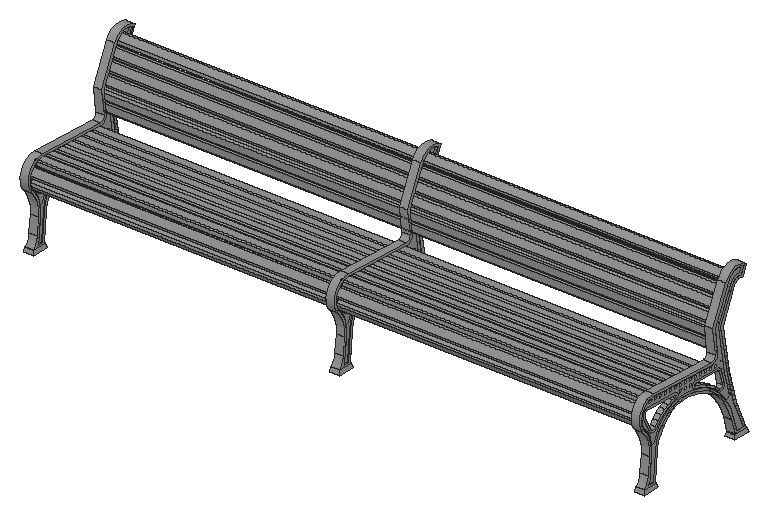
Revit family "Скамейка чугунная «Ретро стиль» без подлокотников Арт 7224", category Антураж, Revit 2018
Family settings
  На основе рабочей плоскости = Нет
  Всегда вертикально = Да
  При загрузке вырезать с полостями = Нет
  Источник визуального образа = Геометрия семейства
  Общий = Нет
  Точка расчета площади = Нет
Parameters (values of type "Версия 3,0 м (3 опоры)")
  Ширина = 640 mm  # constant formula
  Цвет опор = Чугун
  Цвет лавки = Дерево
  Средняя опора = or([Версия 2,0 м (3 опоры)], [Версия 3,0 м (3 опоры)])  # yes
  Описание = if([Версия 0,6 м (кресло)], "Скамейка чугунная «Ретро стиль» без подлокотников. Версия 0,6 м Кресло", if([Версия 1,5 м], "Скамейка чугунная «Ретро стиль» без подлокотников. Версия 1,5 м", if([Версия 1,8 м], "Скамейка чугунная «Ретро стиль» без подлокотников. Версия 1,8 м", if([Версия 2,0 м], "Скамейка чугунная «Ретро стиль» без подлокотников. Версия 2,0 м", if([Версия 2,0 м (3 опоры)], "Скамейка чугунная «Ретро стиль» без подлокотников. Версия 2,0 м (3 опоры)", "Скамейка чугунная «Ретро стиль» без подлокотников. Версия 3,0 м (3 опоры)")))))  # "Скамейка чугунная «Ретро стиль» без подлокотников. Версия 3,0 м (3 опоры)"
  Материал изделия = "Чугун, дерево"  # constant formula
  Изображение типоразмера = Скамейка чугунная «Ретро стиль» без подлокотников Арт 7224.jpg
  Изготовитель = "ООО «Хоббика»"  # constant formula
  Длина = if([Версия 0,6 м (кресло)], 600 mm, if([Версия 1,5 м], 1500 mm, if([Версия 1,8 м], 1800 mm, if([Версия 2,0 м], 2000 mm, if([Версия 2,0 м (3 опоры)], 2000 mm, 3000 mm)))))  # 3000 mm
  Группа модели = "Садовые скамейки"  # constant formula
  Высота = 740 mm  # constant formula
  Версия 3,0 м (3 опоры) = yes
  Версия 2,0 м (3 опоры) = no
  Версия 2,0 м = no
  Версия 1,8 м = no
  Версия 1,5 м = no
  Версия 0,6 м (кресло) = no
  Артикул товара = "Арт. 7224"  # constant formula
  URL = "https://hobbyka.ru/product/skameyka_sadovaya_retro_stil_bez_podlokotnikov/"
Reference planes
  plane 1 "По центру (Вперед/Назад)": y = 0
  plane 2: z = 0
  plane 3 "По центру (Влево/Вправо)": x = 0
  plane 4: y = 640
  plane 5: x = 3000
  plane 6: x = 2965
  plane 7: x = 35
  plane 8: x = 1500
  plane 9: z = 740
Forms (mm)
  Extrusion 1, solid, material "Дерево" <- "Цвет лавки"
    sketch origin (0, 0, 0) x (0, 1, 0) y (0, 0, 1)
      loop
        line (434.437, 376) -> (397.42, 377.993) -> (390.617, 371.886) -> (389.621, 353.377) -> (439.548, 350.688) -> (440.545, 369.197) -> (434.437, 376)
      loop
        line (379.517, 378.957) -> (342.5, 380.951) -> (335.697, 374.843) -> (334.7, 356.334) -> (384.628, 353.646) -> (385.624, 372.155) -> (379.517, 378.957)
      loop
        line (324.597, 381.915) -> (287.579, 383.908) -> (280.776, 377.801) -> (279.78, 359.292) -> (329.707, 356.603) -> (330.704, 375.112) -> (324.597, 381.915)
      loop
        line (269.676, 384.872) -> (232.659, 386.866) -> (225.856, 380.758) -> (224.859, 362.249) -> (274.787, 359.561) -> (275.784, 378.07) -> (269.676, 384.872)
      loop
        line (214.756, 387.83) -> (177.738, 389.823) -> (170.936, 383.716) -> (169.939, 365.207) -> (219.866, 362.518) -> (220.863, 381.027) -> (214.756, 387.83)
      loop
        line (159.835, 390.787) -> (122.818, 392.781) -> (116.015, 386.673) -> (115.018, 368.165) -> (164.946, 365.476) -> (165.943, 383.985) -> (159.835, 390.787)
      loop
        line (104.915, 393.745) -> (67.849, 393.138) -> (61.491, 386.569) -> (61.794, 368.036) -> (111.787, 368.854) -> (111.484, 387.387) -> (104.915, 393.745)
      loop
        line (35.897, 375.593) -> (18.293, 342.969) -> (20.912, 334.21) -> (37.225, 325.408) -> (60.969, 369.41) -> (44.656, 378.212) -> (35.897, 375.593)
      loop
        line (21.271, 301.947) -> (42.695, 271.694) -> (51.707, 270.154) -> (66.833, 280.867) -> (37.937, 321.671) -> (22.81, 310.958) -> (21.271, 301.947)
      loop
        line (453.721, 518.886) -> (458.264, 482.094) -> (465.472, 476.471) -> (483.868, 478.742) -> (477.74, 528.365) -> (459.344, 526.094) -> (453.721, 518.886)
      loop
        line (460.461, 464.3) -> (465.004, 427.509) -> (472.212, 421.885) -> (490.608, 424.157) -> (484.48, 473.78) -> (466.085, 471.508) -> (460.461, 464.3)
      loop
        line (475.865, 581.881) -> (459.904, 548.422) -> (462.956, 539.804) -> (479.685, 531.824) -> (501.212, 576.953) -> (484.483, 584.933) -> (475.865, 581.881)
      loop
        line (499.545, 631.523) -> (483.584, 598.064) -> (486.635, 589.446) -> (503.365, 581.465) -> (524.892, 626.594) -> (508.162, 634.574) -> (499.545, 631.523)
      loop
        line (523.224, 681.164) -> (507.264, 647.705) -> (510.315, 639.087) -> (527.045, 631.107) -> (548.572, 676.235) -> (531.842, 684.216) -> (523.224, 681.164)
      loop
        line (562.553, 729.566) -> (535.215, 704.528) -> (534.813, 695.395) -> (547.332, 681.726) -> (584.205, 715.495) -> (571.686, 729.164) -> (562.553, 729.566)
    from 35 to 2965
Dimensions and locks
  "Длина": plane 3 "По центру (Влево/Вправо)" to plane 5
  equal spacing: plane 3 "По центру (Влево/Вправо)", plane 8, plane 5
  locked: plane 6 to plane 5 at 35
  "Ширина": plane 4 to plane 1 "По центру (Вперед/Назад)"
  locked: plane 3 "По центру (Влево/Вправо)" to plane 7 at 35
  "Высота": plane 9 to plane 2
  aligned and locked: level to plane 2
  aligned and locked: plane 8 to nested 3
  aligned and locked: plane 5 to nested 2
  aligned and locked: plane 7 to nested 1
  aligned and locked: Extrusion 1 to plane 7
  aligned and locked: plane 6 to Extrusion 1
Automatic sketch dimensions
  Extrusion 1 sketch curve to plane 1 "По центру (Вперед/Назад)" = 18.293 mm
  Extrusion 1 sketch curve to Extrusion 1 sketch curve = 2.619 mm  (x2)
  Extrusion 1 sketch curve to plane 1 "По центру (Вперед/Назад)" = 21.271 mm
  Extrusion 1 sketch curve to Extrusion 1 sketch curve = 1.539 mm  (x2)
  Extrusion 1 sketch curve to plane 1 "По центру (Вперед/Назад)" = 35.897 mm
  Extrusion 1 sketch curve to Extrusion 1 sketch curve = 16.312 mm  (x2)
  Extrusion 1 sketch curve to Extrusion 1 sketch curve = 0.712 mm
  Extrusion 1 sketch curve to Extrusion 1 sketch curve = 21.425 mm
  Extrusion 1 sketch curve to Extrusion 1 sketch curve = 8.759 mm  (x2)
  Extrusion 1 sketch curve to Extrusion 1 sketch curve = 9.012 mm  (x2)
  Extrusion 1 sketch curve to Extrusion 1 sketch curve = 0.522 mm
  Extrusion 1 sketch curve to Extrusion 1 sketch curve = 0.825 mm
  Extrusion 1 sketch curve to Extrusion 1 sketch curve = 15.127 mm
  Extrusion 1 sketch curve to Extrusion 1 sketch curve = 6.358 mm  (x2)
  Extrusion 1 sketch curve to Extrusion 1 sketch curve = 37.066 mm
  Extrusion 1 sketch curve to Extrusion 1 sketch curve = 6.569 mm  (x2)
  Extrusion 1 sketch curve to Extrusion 1 sketch curve = 0.303 mm
  Extrusion 1 sketch curve to Extrusion 1 sketch curve = 3.231 mm
  Extrusion 1 sketch curve to Extrusion 1 sketch curve = 4.531 mm
  Extrusion 1 sketch curve to Extrusion 1 sketch curve = 6.803 mm  (x12)
  Extrusion 1 sketch curve to Extrusion 1 sketch curve = 37.017 mm  (x6)
  Extrusion 1 sketch curve to Extrusion 1 sketch curve = 5.111 mm  (x6)
  Extrusion 1 sketch curve to Extrusion 1 sketch curve = 6.107 mm  (x6)
  Extrusion 1 sketch curve to Extrusion 1 sketch curve = 4.993 mm  (x10)
  Extrusion 1 sketch curve to Extrusion 1 sketch curve = 19.283 mm
  Extrusion 1 sketch curve to Extrusion 1 sketch curve = 4.543 mm  (x2)
  Extrusion 1 sketch curve to Extrusion 1 sketch curve = 5.623 mm  (x3)
  Extrusion 1 sketch curve to Extrusion 1 sketch curve = 0.56 mm
  Extrusion 1 sketch curve to Extrusion 1 sketch curve = 2.197 mm
  Extrusion 1 sketch curve to Extrusion 1 sketch curve = 3.051 mm  (x4)
  Extrusion 1 sketch curve to Extrusion 1 sketch curve = 7.208 mm  (x4)
  Extrusion 1 sketch curve to Extrusion 1 sketch curve = 0.613 mm  (x2)
  Extrusion 1 sketch curve to Extrusion 1 sketch curve = 15.961 mm  (x3)
  Extrusion 1 sketch curve to Extrusion 1 sketch curve = 18.396 mm  (x3)
  Extrusion 1 sketch curve to Extrusion 1 sketch curve = 1.945 mm
  Extrusion 1 sketch curve to Extrusion 1 sketch curve = 7.719 mm  (x2)
  Extrusion 1 sketch curve to Extrusion 1 sketch curve = 8.618 mm  (x6)
  Extrusion 1 sketch curve to Extrusion 1 sketch curve = 2.153 mm  (x4)
  Extrusion 1 sketch curve to Extrusion 1 sketch curve = 16.73 mm  (x2)
  Extrusion 1 sketch curve to plane 9 = 55.784 mm
  Extrusion 1 sketch curve to plane 9 = 44.605 mm
  Extrusion 1 sketch curve to Extrusion 1 sketch curve = 2.971 mm
  Extrusion 1 sketch curve to plane 9 = 35.472 mm
  Extrusion 1 sketch curve to Extrusion 1 sketch curve = 0.401 mm
  Extrusion 1 sketch curve to plane 9 = 58.274 mm
  Extrusion 1 sketch curve to Extrusion 1 sketch curve = 15.49 mm
  Extrusion 1 sketch curve to plane 9 = 63.765 mm
  Extrusion 1 sketch curve to Extrusion 1 sketch curve = 1.24 mm
  Extrusion 1 sketch curve to plane 9 = 10.434 mm
  Extrusion 1 sketch curve to Extrusion 1 sketch curve = 27.338 mm
  Extrusion 1 sketch curve to plane 9 = 10.836 mm
  Extrusion 1 sketch curve to Extrusion 1 sketch curve = 9.133 mm
  Extrusion 1 sketch curve to Extrusion 1 sketch curve = 4.513 mm  (x3)
  Extrusion 1 sketch curve to Extrusion 1 sketch curve = 41.024 mm
  Extrusion 1 sketch curve to Extrusion 1 sketch curve = 3.459 mm
  Extrusion 1 sketch curve to Extrusion 1 sketch curve = 13.711 mm
  Extrusion 1 sketch curve to Extrusion 1 sketch curve = 4.962 mm  (x2)
  Extrusion 1 sketch curve to plane 9 = 346.255 mm
  Extrusion 1 sketch curve to Extrusion 1 sketch curve = 0.606 mm
  Extrusion 1 sketch curve to Extrusion 1 sketch curve = 0.964 mm  (x6)
  Extrusion 1 sketch curve to Extrusion 1 sketch curve = 1.993 mm  (x6)
  Extrusion 1 sketch curve to Extrusion 1 sketch curve = 0.714 mm
  Extrusion 1 sketch curve to Extrusion 1 sketch curve = 0.269 mm  (x5)
  Extrusion 1 sketch curve to Extrusion 1 sketch curve = 8.357 mm
  Extrusion 1 sketch curve to Extrusion 1 sketch curve = 1.374 mm
  Extrusion 1 sketch curve to Extrusion 1 sketch curve = 3.737 mm
  Extrusion 1 sketch curve to Extrusion 1 sketch curve = 10.712 mm
Nested families
  nested 1: "Скамейка чугунная «Ретро стиль» без подлокотников Арт 7224 опора боковая" at (0, 0, 0), type "Скамейка чугунная «Ретро стиль» без подлокотников Арт 7224 опора боковая"
  nested 2: "Скамейка чугунная «Ретро стиль» без подлокотников Арт 7224 опора боковая" at (3000, 0, 0) x (-1, 0, 0) z (0, 0, 1), type "Скамейка чугунная «Ретро стиль» без подлокотников Арт 7224 опора боковая"
  nested 3: "Скамейка чугунная «Ретро стиль» без подлокотников Арт 7224 опора боковая" at (1478, 0, 0), visible <- "Средняя опора", type "Скамейка чугунная «Ретро стиль» без подлокотников Арт 7224 опора боковая"
Definition of nested family "Скамейка чугунная «Ретро стиль» без подлокотников Арт 7224 опора боковая"
  Parameters (values of type "Скамейка чугунная «Ретро стиль» без подлокотников Арт 7224 опора боковая")
    Цвет опор = none
    Height = 0 mm
  Reference planes
    plane 1 "По центру (Вперед/Назад)": y = 0
    plane 2: z = 0
    plane 3 "По центру (Влево/Вправо)": x = 0
    plane 4 "1": z = 20
    plane 5 "2": x = 4
    plane 6: x = 44
    plane 7: x = 22
    plane 8 "3": x = 12
  Forms (mm)
    Blend 1, solid, material <- "Цвет опор"
      base sketch origin (0, 651.279, 0) x (1, 0, 0) y (0, 1, 0)
        loop
          line (0, 0) -> (0, -80.94) -> (48, -80.94) -> (48, 0) -> (0, 0)
      top sketch origin (0, 651.279, 20) x (-1, 0, 0) y (0, -1, 0)
        loop
          line (-4, 4.97) -> (-4, 75.97) -> (-44, 75.97) -> (-44, 4.97) -> (-4, 4.97)
      from 0 to 0
    Blend 2, solid, material <- "Цвет опор"
      base sketch origin (0, 105.644, 0) x (1, 0, 0) y (0, 1, 0)
        loop
          line (0, 0) -> (0, -80.94) -> (48, -80.94) -> (48, 0) -> (0, 0)
      top sketch origin (0, 105.644, 20) x (-1, 0, 0) y (0, -1, 0)
        loop
          line (-4, 4.97) -> (-4, 75.97) -> (-44, 75.97) -> (-44, 4.97) -> (-4, 4.97)
      from 0 to 0
    Extrusion 3, solid, material <- "Цвет опор"
      sketch origin (4, 651.279, 0) x (0, 0, 1) y (0, -1, 0)
        loop
          arc (71.299, 597.697) -> (43.925, 604.67) -> (20, 619.69) r 91.14
          line (20, 619.69) -> (20, 558.58) -> (158.626, 545.164)
          arc (158.626, 545.164) -> (271.737, 483.758) -> (306.274, 359.774) r 164.908
          arc (306.274, 359.774) -> (241.641, 193.516) -> (93.739, 93.796) r 298.52
          line (93.739, 93.796) -> (20, 71.813) -> (20, 7.629)
          arc (20, 7.629) -> (161.639, 73.191) -> (312.438, 113.437) r 904.85
          line (312.438, 113.437) -> (520.759, 150.146) -> (665.308, 81.194)
          arc (665.308, 81.194) -> (684.485, 59.844) -> (682.88, 31.191) r 37.388
          line (682.88, 31.191) -> (730.724, 8.369)
          arc (730.724, 8.369) -> (743.185, 75.398) -> (699.83, 128.014) r 80.631
          line (699.83, 128.014) -> (533.388, 207.41) -> (416.613, 192.99)
          arc (416.613, 192.99) -> (398.927, 198.733) -> (391.977, 215.981) r 21.975
          line (391.977, 215.981) -> (410.718, 564.009)
          arc (410.718, 564.009) -> (363.812, 643.146) -> (272.743, 630.13) r 82.816
          arc (272.743, 630.13) -> (216.184, 597.416) -> (151.251, 590.145) r 159.381
          line (151.251, 590.145) -> (71.299, 597.697)
      from 0 to 40
    Extrusion 4, void
      sketch origin (4, 651.279, 0) x (0, 0, 1) y (0, -1, 0)
        loop
          line (339.635, 174.338) -> (344.312, 307.63)
          arc (344.312, 307.63) -> (337.628, 316.286) -> (327.899, 311.294) r 8.552
          line (327.899, 311.294) -> (324.006, 293.807) -> (313.722, 262.797) -> (300.359, 232.984) -> (284.055, 204.672) -> (264.975, 178.151) -> (251.833, 163.31)
          arc (251.833, 163.31) -> (250.746, 148.533) -> (264.707, 143.571) r 12.22
          line (264.707, 143.571) -> (328.562, 160.481)
          arc (328.562, 160.481) -> (336.391, 165.578) -> (339.635, 174.338) r 14.869
        loop
          line (348.178, 430.82) -> (353.888, 593.571)
          arc (353.888, 593.571) -> (343.806, 612.36) -> (322.489, 612.853) r 21.178
          line (322.489, 612.853) -> (258.665, 577.603)
          arc (258.665, 577.603) -> (249.674, 562.357) -> (258.67, 547.113) r 17.417
          line (258.67, 547.113) -> (278.066, 530.849) -> (295.122, 512.146) -> (309.535, 491.337) -> (321.046, 468.793) -> (329.451, 444.917) -> (333.034, 427.674)
          arc (333.034, 427.674) -> (341.841, 423.304) -> (348.178, 430.82) r 7.962
      from 0 to 250
    Extrusion 5, void
      sketch origin (4, 651.279, 0) x (0, 0, 1) y (0, -1, 0)
        loop
          arc (727.834, 18.611) -> (734.533, 76.603) -> (696.386, 120.794) r 72.631
          line (696.386, 120.794) -> (532.051, 199.184) -> (417.594, 185.05)
          arc (417.594, 185.05) -> (393.469, 192.884) -> (383.988, 216.411) r 29.975
          line (383.988, 216.411) -> (402.73, 564.439)
          arc (402.73, 564.439) -> (360.354, 635.931) -> (278.083, 624.173) r 74.816
          arc (278.083, 624.173) -> (218.686, 589.817) -> (150.496, 582.181) r 167.381
          line (150.496, 582.181) -> (70.548, 589.733)
          arc (70.548, 589.733) -> (48.461, 594.392) -> (28, 603.928) r 99.14
          line (28, 603.928) -> (28, 565.843) -> (159.397, 553.126)
          arc (159.397, 553.126) -> (277.918, 488.839) -> (314.239, 358.99) r 172.908
          arc (314.239, 358.99) -> (247.814, 188.425) -> (96.025, 86.129) r 306.52
          line (96.025, 86.129) -> (28, 65.85) -> (28, 21.307)
          arc (28, 21.307) -> (165.385, 83.026) -> (311.049, 121.316) r 912.85
          line (311.049, 121.316) -> (521.892, 158.469) -> (668.753, 88.414)
          arc (668.753, 88.414) -> (690.526, 66.242) -> (692.932, 35.26) r 45.388
          line (692.932, 35.26) -> (727.834, 18.611)
      from -69.543 to 5
    Extrusion 6, void
      sketch origin (4, 651.279, 0) x (0, 0, 1) y (0, -1, 0)
        loop
          arc (724.259, 29.18) -> (725.708, 77.725) -> (692.941, 113.573) r 64.631
          line (692.941, 113.573) -> (530.714, 190.958) -> (418.574, 177.11)
          arc (418.574, 177.11) -> (388.011, 187.035) -> (376, 216.841) r 37.975
          line (376, 216.841) -> (394.741, 564.869)
          arc (394.741, 564.869) -> (356.897, 628.717) -> (283.423, 618.216) r 66.816
          arc (283.423, 618.216) -> (242.334, 590.738) -> (195.21, 575.817) r 175.381
          arc (195.21, 575.817) -> (189.499, 571.572) -> (187.325, 564.797) r 11.644
          arc (187.325, 564.797) -> (188.834, 559.064) -> (192.97, 554.818) r 11.644
          arc (192.97, 554.818) -> (293.914, 480.392) -> (322.204, 358.208) r 180.908
          arc (322.204, 358.208) -> (282.312, 225.232) -> (189.057, 122.385) r 314.52
          arc (189.057, 122.385) -> (187.557, 108.65) -> (200.115, 102.889) r 11.812
          arc (200.115, 102.889) -> (254.485, 117.718) -> (309.661, 129.194) r 920.85
          line (309.661, 129.194) -> (523.025, 166.792) -> (672.197, 95.635)
          arc (672.197, 95.635) -> (696.298, 72.609) -> (702.045, 39.776) r 53.388
          line (702.045, 39.776) -> (724.259, 29.18)
        loop
          arc (351.307, 307.381) -> (339.682, 322.99) -> (321.923, 315.029) r 15.552
          arc (321.923, 315.029) -> (293.552, 236.73) -> (246.592, 167.951) r 332.099
          arc (246.592, 167.951) -> (244.829, 144.792) -> (266.652, 136.845) r 19.22
          line (266.652, 136.845) -> (330.35, 153.713)
          arc (330.35, 153.713) -> (341.862, 161.21) -> (346.631, 174.093) r 21.869
          line (346.631, 174.093) -> (351.307, 307.381)
        loop
          arc (360.884, 593.325) -> (347.469, 618.325) -> (319.105, 618.981) r 28.178
          line (319.105, 618.981) -> (255.279, 583.73)
          arc (255.279, 583.73) -> (242.674, 562.356) -> (255.286, 540.986) r 24.417
          arc (255.286, 540.986) -> (301.924, 489.532) -> (326.715, 424.662) r 188.109
          arc (326.715, 424.662) -> (343.265, 416.451) -> (355.173, 430.575) r 14.962
          line (355.173, 430.575) -> (360.884, 593.325)
      from -126.091 to 8
    Extrusion 7, void
      sketch origin (40, 651.279, 0) x (0, 0, 1) y (0, 1, 0)
        loop
          line (727.834, -18.611) -> (692.932, -35.26)
          arc (692.932, -35.26) -> (690.526, -66.242) -> (668.753, -88.414) r 45.388
          line (668.753, -88.414) -> (521.892, -158.469) -> (311.049, -121.316)
          arc (311.049, -121.316) -> (165.385, -83.026) -> (28, -21.307) r 912.85
          line (28, -21.307) -> (28, -65.85) -> (96.025, -86.129)
          arc (96.025, -86.129) -> (247.814, -188.425) -> (314.239, -358.99) r 306.52
          arc (314.239, -358.99) -> (277.918, -488.839) -> (159.397, -553.126) r 172.908
          line (159.397, -553.126) -> (28, -565.843) -> (28, -603.928)
          arc (28, -603.928) -> (48.461, -594.392) -> (70.548, -589.733) r 99.14
          line (70.548, -589.733) -> (150.496, -582.181)
          arc (150.496, -582.181) -> (218.686, -589.817) -> (278.083, -624.173) r 167.381
          arc (278.083, -624.173) -> (360.354, -635.931) -> (402.73, -564.439) r 74.816
          line (402.73, -564.439) -> (383.988, -216.411)
          arc (383.988, -216.411) -> (393.469, -192.884) -> (417.594, -185.05) r 29.975
          line (417.594, -185.05) -> (532.051, -199.184) -> (696.386, -120.794)
          arc (696.386, -120.794) -> (734.533, -76.603) -> (727.834, -18.611) r 72.631
      from -69.543 to 5
    Extrusion 8, void
      sketch origin (40, 651.279, 0) x (0, 0, 1) y (0, 1, 0)
        loop
          line (724.259, -29.18) -> (702.045, -39.776)
          arc (702.045, -39.776) -> (696.298, -72.609) -> (672.197, -95.635) r 53.388
          line (672.197, -95.635) -> (523.025, -166.792) -> (309.661, -129.194)
          arc (309.661, -129.194) -> (254.485, -117.718) -> (200.115, -102.889) r 920.85
          arc (200.115, -102.889) -> (187.557, -108.65) -> (189.057, -122.385) r 11.812
          arc (189.057, -122.385) -> (282.312, -225.232) -> (322.204, -358.208) r 314.52
          arc (322.204, -358.208) -> (293.914, -480.392) -> (192.97, -554.818) r 180.908
          arc (192.97, -554.818) -> (188.834, -559.064) -> (187.325, -564.797) r 11.644
          arc (187.325, -564.797) -> (189.499, -571.572) -> (195.21, -575.817) r 11.644
          arc (195.21, -575.817) -> (242.334, -590.738) -> (283.423, -618.216) r 175.381
          arc (283.423, -618.216) -> (356.897, -628.717) -> (394.741, -564.869) r 66.816
          line (394.741, -564.869) -> (376, -216.841)
          arc (376, -216.841) -> (388.011, -187.035) -> (418.574, -177.11) r 37.975
          line (418.574, -177.11) -> (530.714, -190.958) -> (692.941, -113.573)
          arc (692.941, -113.573) -> (725.708, -77.725) -> (724.259, -29.18) r 64.631
        loop
          line (351.307, -307.381) -> (346.631, -174.093)
          arc (346.631, -174.093) -> (341.862, -161.21) -> (330.35, -153.713) r 21.869
          line (330.35, -153.713) -> (266.652, -136.845)
          arc (266.652, -136.845) -> (244.829, -144.792) -> (246.592, -167.951) r 19.22
          arc (246.592, -167.951) -> (293.552, -236.73) -> (321.923, -315.029) r 332.099
          arc (321.923, -315.029) -> (339.682, -322.99) -> (351.307, -307.381) r 15.552
        loop
          line (360.884, -593.325) -> (355.173, -430.575)
          arc (355.173, -430.575) -> (343.265, -416.451) -> (326.715, -424.662) r 14.962
          arc (326.715, -424.662) -> (301.924, -489.532) -> (255.286, -540.986) r 188.109
          arc (255.286, -540.986) -> (242.674, -562.356) -> (255.279, -583.73) r 24.417
          line (255.279, -583.73) -> (319.105, -618.981)
          arc (319.105, -618.981) -> (347.469, -618.325) -> (360.884, -593.325) r 28.178
      from -126.091 to 8
    Revolve 9, void
      sketch origin (12, 682.974, -0.704) x (0, -1, 0) y (0, 0, 1)
        loop
          line (214.476, 371.23) -> (214.476, 351.23)
          arc (214.476, 351.23) -> (224.476, 361.23) -> (214.476, 371.23) r 10
        axis (214.476, 351.23) -> (214.476, 371.23)
      angle from 0 to 360
    Revolve 10, void
      sketch origin (12, 286.779, 19.103) x (0, -1, 0) y (0, 0, 1)
        loop
          line (214.476, 371.23) -> (214.476, 351.23)
          arc (214.476, 351.23) -> (224.476, 361.23) -> (214.476, 371.23) r 10
        axis (214.476, 351.23) -> (214.476, 371.23)
      angle from 0 to 360
    Revolve 11, void
      sketch origin (12, 652.498, 0.819) x (0, -1, 0) y (0, 0, 1)
        loop
          line (214.476, 371.23) -> (214.476, 351.23)
          arc (214.476, 351.23) -> (224.476, 361.23) -> (214.476, 371.23) r 10
        axis (214.476, 351.23) -> (214.476, 371.23)
      angle from 0 to 360
    Revolve 12, void
      sketch origin (12, 622.021, 2.343) x (0, -1, 0) y (0, 0, 1)
        loop
          line (214.476, 371.23) -> (214.476, 351.23)
          arc (214.476, 351.23) -> (224.476, 361.23) -> (214.476, 371.23) r 10
        axis (214.476, 351.23) -> (214.476, 371.23)
      angle from 0 to 360
    Revolve 13, void
      sketch origin (12, 591.545, 3.866) x (0, -1, 0) y (0, 0, 1)
        loop
          line (214.476, 371.23) -> (214.476, 351.23)
          arc (214.476, 351.23) -> (224.476, 361.23) -> (214.476, 371.23) r 10
        axis (214.476, 351.23) -> (214.476, 371.23)
      angle from 0 to 360
    Revolve 14, void
      sketch origin (12, 561.068, 5.39) x (0, -1, 0) y (0, 0, 1)
        loop
          line (214.476, 371.23) -> (214.476, 351.23)
          arc (214.476, 351.23) -> (224.476, 361.23) -> (214.476, 371.23) r 10
        axis (214.476, 351.23) -> (214.476, 371.23)
      angle from 0 to 360
    Revolve 15, void
      sketch origin (12, 530.592, 6.914) x (0, -1, 0) y (0, 0, 1)
        loop
          line (214.476, 371.23) -> (214.476, 351.23)
          arc (214.476, 351.23) -> (224.476, 361.23) -> (214.476, 371.23) r 10
        axis (214.476, 351.23) -> (214.476, 371.23)
      angle from 0 to 360
    Revolve 16, void
      sketch origin (12, 500.115, 8.437) x (0, -1, 0) y (0, 0, 1)
        loop
          line (214.476, 371.23) -> (214.476, 351.23)
          arc (214.476, 351.23) -> (224.476, 361.23) -> (214.476, 371.23) r 10
        axis (214.476, 351.23) -> (214.476, 371.23)
      angle from 0 to 360
    Revolve 17, void
      sketch origin (12, 469.638, 9.961) x (0, -1, 0) y (0, 0, 1)
        loop
          line (214.476, 371.23) -> (214.476, 351.23)
          arc (214.476, 351.23) -> (224.476, 361.23) -> (214.476, 371.23) r 10
        axis (214.476, 351.23) -> (214.476, 371.23)
      angle from 0 to 360
    Revolve 18, void
      sketch origin (12, 439.162, 11.485) x (0, -1, 0) y (0, 0, 1)
        loop
          line (214.476, 371.23) -> (214.476, 351.23)
          arc (214.476, 351.23) -> (224.476, 361.23) -> (214.476, 371.23) r 10
        axis (214.476, 351.23) -> (214.476, 371.23)
      angle from 0 to 360
    Revolve 19, void
      sketch origin (12, 408.685, 13.008) x (0, -1, 0) y (0, 0, 1)
        loop
          line (214.476, 371.23) -> (214.476, 351.23)
          arc (214.476, 351.23) -> (224.476, 361.23) -> (214.476, 371.23) r 10
        axis (214.476, 351.23) -> (214.476, 371.23)
      angle from 0 to 360
    Revolve 20, void
      sketch origin (12, 378.209, 14.532) x (0, -1, 0) y (0, 0, 1)
        loop
          line (214.476, 371.23) -> (214.476, 351.23)
          arc (214.476, 351.23) -> (224.476, 361.23) -> (214.476, 371.23) r 10
        axis (214.476, 351.23) -> (214.476, 371.23)
      angle from 0 to 360
    Revolve 21, void
      sketch origin (12, 347.732, 16.055) x (0, -1, 0) y (0, 0, 1)
        loop
          line (214.476, 371.23) -> (214.476, 351.23)
          arc (214.476, 351.23) -> (224.476, 361.23) -> (214.476, 371.23) r 10
        axis (214.476, 351.23) -> (214.476, 371.23)
      angle from 0 to 360
    Revolve 22, void
      sketch origin (12, 317.255, 17.579) x (0, -1, 0) y (0, 0, 1)
        loop
          line (214.476, 371.23) -> (214.476, 351.23)
          arc (214.476, 351.23) -> (224.476, 361.23) -> (214.476, 371.23) r 10
        axis (214.476, 351.23) -> (214.476, 371.23)
      angle from 0 to 360
    Revolve 23, void
      sketch origin (12, 530.592, -18.086) x (0, -1, 0) y (0, 0, 1)
        loop
          line (214.476, 371.23) -> (214.476, 351.23)
          arc (214.476, 351.23) -> (224.476, 361.23) -> (214.476, 371.23) r 10
        axis (214.476, 351.23) -> (214.476, 371.23)
      angle from 0 to 360
    Revolve 24, void
      sketch origin (12, 500.115, -16.563) x (0, -1, 0) y (0, 0, 1)
        loop
          line (214.476, 371.23) -> (214.476, 351.23)
          arc (214.476, 351.23) -> (224.476, 361.23) -> (214.476, 371.23) r 10
        axis (214.476, 351.23) -> (214.476, 371.23)
      angle from 0 to 360
    Revolve 25, void
      sketch origin (12, 469.638, -15.039) x (0, -1, 0) y (0, 0, 1)
        loop
          line (214.476, 371.23) -> (214.476, 351.23)
          arc (214.476, 351.23) -> (224.476, 361.23) -> (214.476, 371.23) r 10
        axis (214.476, 351.23) -> (214.476, 371.23)
      angle from 0 to 360
    Revolve 26, void
      sketch origin (12, 651.279, 0) x (0, -1, 0) y (0, 0, 1)
        loop
          line (104.819, 682.118) -> (109.125, 673.092)
          arc (109.125, 673.092) -> (111.485, 679.758) -> (104.819, 682.118) r 5
        axis (104.819, 682.118) -> (109.125, 673.092)
      angle from 0 to 360
    Revolve 27, void
      sketch origin (12, 581.547, -149.541) x (0, -1, 0) y (0, 0, 1)
        loop
          line (104.819, 682.118) -> (109.125, 673.092)
          arc (109.125, 673.092) -> (111.485, 679.758) -> (104.819, 682.118) r 5
        axis (104.819, 682.118) -> (109.125, 673.092)
      angle from 0 to 360
    Revolve 28, void
      sketch origin (12, 645.468, -12.462) x (0, -1, 0) y (0, 0, 1)
        loop
          line (104.819, 682.118) -> (109.125, 673.092)
          arc (109.125, 673.092) -> (111.485, 679.758) -> (104.819, 682.118) r 5
        axis (104.819, 682.118) -> (109.125, 673.092)
      angle from 0 to 360
    Revolve 29, void
      sketch origin (12, 639.657, -24.923) x (0, -1, 0) y (0, 0, 1)
        loop
          line (104.819, 682.118) -> (109.125, 673.092)
          arc (109.125, 673.092) -> (111.485, 679.758) -> (104.819, 682.118) r 5
        axis (104.819, 682.118) -> (109.125, 673.092)
      angle from 0 to 360
    Revolve 30, void
      sketch origin (12, 633.846, -37.385) x (0, -1, 0) y (0, 0, 1)
        loop
          line (104.819, 682.118) -> (109.125, 673.092)
          arc (109.125, 673.092) -> (111.485, 679.758) -> (104.819, 682.118) r 5
        axis (104.819, 682.118) -> (109.125, 673.092)
      angle from 0 to 360
    Revolve 31, void
      sketch origin (12, 628.035, -49.847) x (0, -1, 0) y (0, 0, 1)
        loop
          line (104.819, 682.118) -> (109.125, 673.092)
          arc (109.125, 673.092) -> (111.485, 679.758) -> (104.819, 682.118) r 5
        axis (104.819, 682.118) -> (109.125, 673.092)
      angle from 0 to 360
    Revolve 32, void
      sketch origin (12, 622.224, -62.309) x (0, -1, 0) y (0, 0, 1)
        loop
          line (104.819, 682.118) -> (109.125, 673.092)
          arc (109.125, 673.092) -> (111.485, 679.758) -> (104.819, 682.118) r 5
        axis (104.819, 682.118) -> (109.125, 673.092)
      angle from 0 to 360
    Revolve 33, void
      sketch origin (12, 616.413, -74.77) x (0, -1, 0) y (0, 0, 1)
        loop
          line (104.819, 682.118) -> (109.125, 673.092)
          arc (109.125, 673.092) -> (111.485, 679.758) -> (104.819, 682.118) r 5
        axis (104.819, 682.118) -> (109.125, 673.092)
      angle from 0 to 360
    Revolve 34, void
      sketch origin (12, 610.602, -87.232) x (0, -1, 0) y (0, 0, 1)
        loop
          line (104.819, 682.118) -> (109.125, 673.092)
          arc (109.125, 673.092) -> (111.485, 679.758) -> (104.819, 682.118) r 5
        axis (104.819, 682.118) -> (109.125, 673.092)
      angle from 0 to 360
    Revolve 35, void
      sketch origin (12, 604.791, -99.694) x (0, -1, 0) y (0, 0, 1)
        loop
          line (104.819, 682.118) -> (109.125, 673.092)
          arc (109.125, 673.092) -> (111.485, 679.758) -> (104.819, 682.118) r 5
        axis (104.819, 682.118) -> (109.125, 673.092)
      angle from 0 to 360
    Revolve 36, void
      sketch origin (12, 598.98, -112.156) x (0, -1, 0) y (0, 0, 1)
        loop
          line (104.819, 682.118) -> (109.125, 673.092)
          arc (109.125, 673.092) -> (111.485, 679.758) -> (104.819, 682.118) r 5
        axis (104.819, 682.118) -> (109.125, 673.092)
      angle from 0 to 360
    Revolve 37, void
      sketch origin (12, 593.169, -124.617) x (0, -1, 0) y (0, 0, 1)
        loop
          line (104.819, 682.118) -> (109.125, 673.092)
          arc (109.125, 673.092) -> (111.485, 679.758) -> (104.819, 682.118) r 5
        axis (104.819, 682.118) -> (109.125, 673.092)
      angle from 0 to 360
    Revolve 38, void
      sketch origin (12, 587.358, -137.079) x (0, -1, 0) y (0, 0, 1)
        loop
          line (104.819, 682.118) -> (109.125, 673.092)
          arc (109.125, 673.092) -> (111.485, 679.758) -> (104.819, 682.118) r 5
        axis (104.819, 682.118) -> (109.125, 673.092)
      angle from 0 to 360
    Revolve 39, void
      sketch origin (12, 622.049, -386.366) x (0, -1, 0) y (0, 0, 1)
        loop
          line (104.819, 682.118) -> (109.125, 673.092)
          arc (109.125, 673.092) -> (111.485, 679.758) -> (104.819, 682.118) r 5
        axis (104.819, 682.118) -> (109.125, 673.092)
      angle from 0 to 360
    Revolve 40, void
      sketch origin (12, 584.922, -169.276) x (0, -1, 0) y (0, 0, 1)
        loop
          line (104.819, 682.118) -> (109.125, 673.092)
          arc (109.125, 673.092) -> (111.485, 679.758) -> (104.819, 682.118) r 5
        axis (104.819, 682.118) -> (109.125, 673.092)
      angle from 0 to 360
    Revolve 41, void
      sketch origin (12, 588.297, -189.012) x (0, -1, 0) y (0, 0, 1)
        loop
          line (104.819, 682.118) -> (109.125, 673.092)
          arc (109.125, 673.092) -> (111.485, 679.758) -> (104.819, 682.118) r 5
        axis (104.819, 682.118) -> (109.125, 673.092)
      angle from 0 to 360
    Revolve 42, void
      sketch origin (12, 591.672, -208.747) x (0, -1, 0) y (0, 0, 1)
        loop
          line (104.819, 682.118) -> (109.125, 673.092)
          arc (109.125, 673.092) -> (111.485, 679.758) -> (104.819, 682.118) r 5
        axis (104.819, 682.118) -> (109.125, 673.092)
      angle from 0 to 360
    Revolve 43, void
      sketch origin (12, 595.047, -228.483) x (0, -1, 0) y (0, 0, 1)
        loop
          line (104.819, 682.118) -> (109.125, 673.092)
          arc (109.125, 673.092) -> (111.485, 679.758) -> (104.819, 682.118) r 5
        axis (104.819, 682.118) -> (109.125, 673.092)
      angle from 0 to 360
    Revolve 44, void
      sketch origin (12, 598.423, -248.218) x (0, -1, 0) y (0, 0, 1)
        loop
          line (104.819, 682.118) -> (109.125, 673.092)
          arc (109.125, 673.092) -> (111.485, 679.758) -> (104.819, 682.118) r 5
        axis (104.819, 682.118) -> (109.125, 673.092)
      angle from 0 to 360
    Revolve 45, void
      sketch origin (12, 601.798, -267.954) x (0, -1, 0) y (0, 0, 1)
        loop
          line (104.819, 682.118) -> (109.125, 673.092)
          arc (109.125, 673.092) -> (111.485, 679.758) -> (104.819, 682.118) r 5
        axis (104.819, 682.118) -> (109.125, 673.092)
      angle from 0 to 360
    Revolve 46, void
      sketch origin (12, 605.173, -287.689) x (0, -1, 0) y (0, 0, 1)
        loop
          line (104.819, 682.118) -> (109.125, 673.092)
          arc (109.125, 673.092) -> (111.485, 679.758) -> (104.819, 682.118) r 5
        axis (104.819, 682.118) -> (109.125, 673.092)
      angle from 0 to 360
    Revolve 47, void
      sketch origin (12, 608.548, -307.424) x (0, -1, 0) y (0, 0, 1)
        loop
          line (104.819, 682.118) -> (109.125, 673.092)
          arc (109.125, 673.092) -> (111.485, 679.758) -> (104.819, 682.118) r 5
        axis (104.819, 682.118) -> (109.125, 673.092)
      angle from 0 to 360
    Revolve 48, void
      sketch origin (12, 611.923, -327.16) x (0, -1, 0) y (0, 0, 1)
        loop
          line (104.819, 682.118) -> (109.125, 673.092)
          arc (109.125, 673.092) -> (111.485, 679.758) -> (104.819, 682.118) r 5
        axis (104.819, 682.118) -> (109.125, 673.092)
      angle from 0 to 360
    Revolve 49, void
      sketch origin (12, 615.299, -346.895) x (0, -1, 0) y (0, 0, 1)
        loop
          line (104.819, 682.118) -> (109.125, 673.092)
          arc (109.125, 673.092) -> (111.485, 679.758) -> (104.819, 682.118) r 5
        axis (104.819, 682.118) -> (109.125, 673.092)
      angle from 0 to 360
    Revolve 50, void
      sketch origin (12, 618.674, -366.631) x (0, -1, 0) y (0, 0, 1)
        loop
          line (104.819, 682.118) -> (109.125, 673.092)
          arc (109.125, 673.092) -> (111.485, 679.758) -> (104.819, 682.118) r 5
        axis (104.819, 682.118) -> (109.125, 673.092)
      angle from 0 to 360
    Revolve 51, void
      sketch origin (12, 657.91, 11.485) x (0, -1, 0) y (0, 0, 1)
        loop
          line (104.819, 682.118) -> (109.125, 673.092)
          arc (109.125, 673.092) -> (111.485, 679.758) -> (104.819, 682.118) r 5
        axis (104.819, 682.118) -> (109.125, 673.092)
      angle from 0 to 360
    Revolve 52, void
      sketch origin (12, 669.79, 23.365) x (0, -1, 0) y (0, 0, 1)
        loop
          line (104.819, 682.118) -> (109.125, 673.092)
          arc (109.125, 673.092) -> (111.485, 679.758) -> (104.819, 682.118) r 5
        axis (104.819, 682.118) -> (109.125, 673.092)
      angle from 0 to 360
    Revolve 53, void
      sketch origin (12, 682.78, 30.865) x (0, -1, 0) y (0, 0, 1)
        loop
          line (104.819, 682.118) -> (109.125, 673.092)
          arc (109.125, 673.092) -> (111.485, 679.758) -> (104.819, 682.118) r 5
        axis (104.819, 682.118) -> (109.125, 673.092)
      angle from 0 to 360
    Revolve 54, void
      sketch origin (12, 696.375, 37.205) x (0, -1, 0) y (0, 0, 1)
        loop
          line (104.819, 682.118) -> (109.125, 673.092)
          arc (109.125, 673.092) -> (111.485, 679.758) -> (104.819, 682.118) r 5
        axis (104.819, 682.118) -> (109.125, 673.092)
      angle from 0 to 360
    Revolve 55, void
      sketch origin (12, 711.318, 38.512) x (0, -1, 0) y (0, 0, 1)
        loop
          line (104.819, 682.118) -> (109.125, 673.092)
          arc (109.125, 673.092) -> (111.485, 679.758) -> (104.819, 682.118) r 5
        axis (104.819, 682.118) -> (109.125, 673.092)
      angle from 0 to 360
  Cuts and joins
    Extrusion 4, Extrusion 5, Extrusion 6, Extrusion 7, Extrusion 8, Revolve 9, Revolve 10, Revolve 11, Revolve 12, Revolve 13, Revolve 14, Revolve 15, Revolve 16, Revolve 17, Revolve 18, Revolve 19, Revolve 20, Revolve 21, Revolve 22, Revolve 23, Revolve 24, Revolve 25, Revolve 26, Revolve 27, Revolve 28, Revolve 29, Revolve 30, Revolve 31, Revolve 32, Revolve 33, Revolve 34, Revolve 35, Revolve 36, Revolve 37, Revolve 38, Revolve 39, Revolve 40, Revolve 41, Revolve 42, Revolve 43, Revolve 44, Revolve 45, Revolve 46, Revolve 47, Revolve 48, Revolve 49, Revolve 50, Revolve 51, Revolve 52, Revolve 53, Revolve 54, Revolve 55 cuts Extrusion 3
  Dimensions and locks
    plane 4 "1" to level = 20 mm
    equal spacing: plane 3 "По центру (Влево/Вправо)", plane 7, plane 6
    equal spacing: group 1, group 3, group 4, group 5, group 6, group 7, group 8, group 9, group 10, group 11, group 12, group 13, group 14, group 2  (x2)
    equal spacing: group 2, group 14, group 13, group 12, group 11, group 10, group 9, group 8, group 7, group 6, group 5, group 4, group 3, group 1
    equal spacing: group 26, group 28, group 29, group 30, group 31, group 32, group 33, group 34, group 35, group 36, group 37, group 38, group 27  (x2)
    equal spacing: group 27, group 38, group 37, group 36, group 35, group 34, group 33, group 32, group 31, group 30, group 29, group 28, group 26
    aligned and locked: level to plane 2
    aligned and locked: plane 4 "1" to Blend 1
  Automatic sketch dimensions
    Revolve 9 sketch curve to Revolve 9 sketch curve = 10 mm
    Revolve 9 sketch curve to Revolve 9 sketch curve = 0 mm
    Revolve 9 sketch curve to Revolve 9 sketch curve = 37.007 mm
    Revolve 9 sketch curve to Revolve 9 sketch curve = 40 mm
    Revolve 10 sketch curve to Revolve 10 sketch curve = 10 mm
    Revolve 10 sketch curve to Revolve 10 sketch curve = 0 mm
    Revolve 10 sketch curve to Revolve 10 sketch curve = 37.007 mm
    Revolve 10 sketch curve to Revolve 10 sketch curve = 40 mm
    Revolve 11 sketch curve to Revolve 11 sketch curve = 10 mm
    Revolve 11 sketch curve to Revolve 11 sketch curve = 0 mm
    Revolve 11 sketch curve to Revolve 11 sketch curve = 37.007 mm
    Revolve 11 sketch curve to Revolve 11 sketch curve = 40 mm
    Revolve 12 sketch curve to Revolve 12 sketch curve = 10 mm
    Revolve 12 sketch curve to Revolve 12 sketch curve = 0 mm
    Revolve 12 sketch curve to Revolve 12 sketch curve = 37.007 mm
    Revolve 12 sketch curve to Revolve 12 sketch curve = 40 mm
    Revolve 13 sketch curve to Revolve 13 sketch curve = 10 mm
    Revolve 13 sketch curve to Revolve 13 sketch curve = 0 mm
    Revolve 13 sketch curve to Revolve 13 sketch curve = 37.007 mm
    Revolve 13 sketch curve to Revolve 13 sketch curve = 40 mm
    Revolve 14 sketch curve to Revolve 14 sketch curve = 10 mm
    Revolve 14 sketch curve to Revolve 14 sketch curve = 0 mm
    Revolve 14 sketch curve to Revolve 14 sketch curve = 37.007 mm
    Revolve 14 sketch curve to Revolve 14 sketch curve = 40 mm
    Revolve 15 sketch curve to Revolve 15 sketch curve = 10 mm
    Revolve 15 sketch curve to Revolve 15 sketch curve = 0 mm
    Revolve 15 sketch curve to Revolve 15 sketch curve = 37.007 mm
    Revolve 15 sketch curve to Revolve 15 sketch curve = 40 mm
    Revolve 16 sketch curve to Revolve 16 sketch curve = 10 mm
    Revolve 16 sketch curve to Revolve 16 sketch curve = 0 mm
    Revolve 16 sketch curve to Revolve 16 sketch curve = 37.007 mm
    Revolve 16 sketch curve to Revolve 16 sketch curve = 40 mm
    Revolve 17 sketch curve to Revolve 17 sketch curve = 10 mm
    Revolve 17 sketch curve to Revolve 17 sketch curve = 0 mm
    Revolve 17 sketch curve to Revolve 17 sketch curve = 37.007 mm
    Revolve 17 sketch curve to Revolve 17 sketch curve = 40 mm
    Revolve 18 sketch curve to Revolve 18 sketch curve = 10 mm
    Revolve 18 sketch curve to Revolve 18 sketch curve = 0 mm
    Revolve 18 sketch curve to Revolve 18 sketch curve = 37.007 mm
    Revolve 18 sketch curve to Revolve 18 sketch curve = 40 mm
    Revolve 19 sketch curve to Revolve 19 sketch curve = 10 mm
    Revolve 19 sketch curve to Revolve 19 sketch curve = 0 mm
    Revolve 19 sketch curve to Revolve 19 sketch curve = 37.007 mm
    Revolve 19 sketch curve to Revolve 19 sketch curve = 40 mm
    Revolve 20 sketch curve to Revolve 20 sketch curve = 10 mm
    Revolve 20 sketch curve to Revolve 20 sketch curve = 0 mm
    Revolve 20 sketch curve to Revolve 20 sketch curve = 37.007 mm
    Revolve 20 sketch curve to Revolve 20 sketch curve = 40 mm
    Revolve 21 sketch curve to Revolve 21 sketch curve = 10 mm
    Revolve 21 sketch curve to Revolve 21 sketch curve = 0 mm
    Revolve 21 sketch curve to Revolve 21 sketch curve = 37.007 mm
    Revolve 21 sketch curve to Revolve 21 sketch curve = 40 mm
    Revolve 22 sketch curve to Revolve 22 sketch curve = 10 mm
    Revolve 22 sketch curve to Revolve 22 sketch curve = 0 mm
    Revolve 22 sketch curve to Revolve 22 sketch curve = 37.007 mm
    Revolve 22 sketch curve to Revolve 22 sketch curve = 40 mm
    Revolve 27 sketch curve to Revolve 27 sketch curve = 2.153 mm  (x2)
    Revolve 27 sketch curve to Revolve 27 sketch curve = 0 mm  (x2)
    Revolve 27 sketch curve to Revolve 27 sketch curve = 10.764 mm
    Revolve 27 sketch curve to Revolve 27 sketch curve = 4.513 mm
    Revolve 27 sketch curve to Revolve 27 sketch curve = 22.564 mm
    Revolve 28 sketch curve to Revolve 28 sketch curve = 2.153 mm  (x2)
    Revolve 28 sketch curve to Revolve 28 sketch curve = 0 mm  (x2)
    Revolve 28 sketch curve to Revolve 28 sketch curve = 10.764 mm
    Revolve 28 sketch curve to Revolve 28 sketch curve = 4.513 mm
    Revolve 28 sketch curve to Revolve 28 sketch curve = 22.564 mm
    Revolve 29 sketch curve to Revolve 29 sketch curve = 2.153 mm  (x2)
    Revolve 29 sketch curve to Revolve 29 sketch curve = 0 mm  (x2)
    Revolve 29 sketch curve to Revolve 29 sketch curve = 10.764 mm
    Revolve 29 sketch curve to Revolve 29 sketch curve = 4.513 mm
    Revolve 29 sketch curve to Revolve 29 sketch curve = 22.564 mm
    Revolve 30 sketch curve to Revolve 30 sketch curve = 2.153 mm  (x2)
    Revolve 30 sketch curve to Revolve 30 sketch curve = 0 mm  (x2)
    Revolve 30 sketch curve to Revolve 30 sketch curve = 10.764 mm
    Revolve 30 sketch curve to Revolve 30 sketch curve = 4.513 mm
    Revolve 30 sketch curve to Revolve 30 sketch curve = 22.564 mm
    Revolve 31 sketch curve to Revolve 31 sketch curve = 2.153 mm  (x2)
    Revolve 31 sketch curve to Revolve 31 sketch curve = 0 mm  (x2)
    Revolve 31 sketch curve to Revolve 31 sketch curve = 10.764 mm
    Revolve 31 sketch curve to Revolve 31 sketch curve = 4.513 mm
    Revolve 31 sketch curve to Revolve 31 sketch curve = 22.564 mm
    Revolve 32 sketch curve to Revolve 32 sketch curve = 2.153 mm  (x2)
    Revolve 32 sketch curve to Revolve 32 sketch curve = 0 mm  (x2)
    Revolve 32 sketch curve to Revolve 32 sketch curve = 10.764 mm
    Revolve 32 sketch curve to Revolve 32 sketch curve = 4.513 mm
    Revolve 32 sketch curve to Revolve 32 sketch curve = 22.564 mm
    Revolve 33 sketch curve to Revolve 33 sketch curve = 2.153 mm  (x2)
    Revolve 33 sketch curve to Revolve 33 sketch curve = 0 mm  (x2)
    Revolve 33 sketch curve to Revolve 33 sketch curve = 10.764 mm
    Revolve 33 sketch curve to Revolve 33 sketch curve = 4.513 mm
    Revolve 33 sketch curve to Revolve 33 sketch curve = 22.564 mm
    Revolve 34 sketch curve to Revolve 34 sketch curve = 2.153 mm  (x2)
    Revolve 34 sketch curve to Revolve 34 sketch curve = 0 mm  (x2)
    Revolve 34 sketch curve to Revolve 34 sketch curve = 10.764 mm
    Revolve 34 sketch curve to Revolve 34 sketch curve = 4.513 mm
    Revolve 34 sketch curve to Revolve 34 sketch curve = 22.564 mm
    Revolve 35 sketch curve to Revolve 35 sketch curve = 2.153 mm  (x2)
    Revolve 35 sketch curve to Revolve 35 sketch curve = 0 mm  (x2)
    Revolve 35 sketch curve to Revolve 35 sketch curve = 10.764 mm
    Revolve 35 sketch curve to Revolve 35 sketch curve = 4.513 mm
    Revolve 35 sketch curve to Revolve 35 sketch curve = 22.564 mm
    Revolve 36 sketch curve to Revolve 36 sketch curve = 2.153 mm  (x2)
    Revolve 36 sketch curve to Revolve 36 sketch curve = 0 mm  (x2)
    Revolve 36 sketch curve to Revolve 36 sketch curve = 10.764 mm
    Revolve 36 sketch curve to Revolve 36 sketch curve = 4.513 mm
    Revolve 36 sketch curve to Revolve 36 sketch curve = 22.564 mm
    Revolve 37 sketch curve to Revolve 37 sketch curve = 2.153 mm  (x2)
    Revolve 37 sketch curve to Revolve 37 sketch curve = 0 mm  (x2)
    Revolve 37 sketch curve to Revolve 37 sketch curve = 10.764 mm
    Revolve 37 sketch curve to Revolve 37 sketch curve = 4.513 mm
    Revolve 37 sketch curve to Revolve 37 sketch curve = 22.564 mm
    Revolve 38 sketch curve to Revolve 38 sketch curve = 2.153 mm  (x2)
    Revolve 38 sketch curve to Revolve 38 sketch curve = 0 mm  (x2)
    Revolve 38 sketch curve to Revolve 38 sketch curve = 10.764 mm
    Revolve 38 sketch curve to Revolve 38 sketch curve = 4.513 mm
    Revolve 38 sketch curve to Revolve 38 sketch curve = 22.564 mm
    Revolve 39 sketch curve to Revolve 39 sketch curve = 2.153 mm  (x2)
    Revolve 39 sketch curve to Revolve 39 sketch curve = 0 mm  (x2)
    Revolve 39 sketch curve to Revolve 39 sketch curve = 10.764 mm
    Revolve 39 sketch curve to Revolve 39 sketch curve = 4.513 mm
    Revolve 39 sketch curve to Revolve 39 sketch curve = 22.564 mm
    Revolve 40 sketch curve to Revolve 40 sketch curve = 2.153 mm  (x2)
    Revolve 40 sketch curve to Revolve 40 sketch curve = 0 mm  (x2)
    Revolve 40 sketch curve to Revolve 40 sketch curve = 10.764 mm
    Revolve 40 sketch curve to Revolve 40 sketch curve = 4.513 mm
    Revolve 40 sketch curve to Revolve 40 sketch curve = 22.564 mm
    Revolve 41 sketch curve to Revolve 41 sketch curve = 2.153 mm  (x2)
    Revolve 41 sketch curve to Revolve 41 sketch curve = 0 mm  (x2)
    Revolve 41 sketch curve to Revolve 41 sketch curve = 10.764 mm
    Revolve 41 sketch curve to Revolve 41 sketch curve = 4.513 mm
    Revolve 41 sketch curve to Revolve 41 sketch curve = 22.564 mm
    Revolve 42 sketch curve to Revolve 42 sketch curve = 2.153 mm  (x2)
    Revolve 42 sketch curve to Revolve 42 sketch curve = 0 mm  (x2)
    Revolve 42 sketch curve to Revolve 42 sketch curve = 10.764 mm
    Revolve 42 sketch curve to Revolve 42 sketch curve = 4.513 mm
    Revolve 42 sketch curve to Revolve 42 sketch curve = 22.564 mm
    Revolve 43 sketch curve to Revolve 43 sketch curve = 2.153 mm  (x2)
    Revolve 43 sketch curve to Revolve 43 sketch curve = 0 mm  (x2)
    Revolve 43 sketch curve to Revolve 43 sketch curve = 10.764 mm
    Revolve 43 sketch curve to Revolve 43 sketch curve = 4.513 mm
    Revolve 43 sketch curve to Revolve 43 sketch curve = 22.564 mm
    Revolve 44 sketch curve to Revolve 44 sketch curve = 2.153 mm  (x2)
    Revolve 44 sketch curve to Revolve 44 sketch curve = 0 mm  (x2)
    Revolve 44 sketch curve to Revolve 44 sketch curve = 10.764 mm
    Revolve 44 sketch curve to Revolve 44 sketch curve = 4.513 mm
    Revolve 44 sketch curve to Revolve 44 sketch curve = 22.564 mm
    Revolve 45 sketch curve to Revolve 45 sketch curve = 2.153 mm  (x2)
    Revolve 45 sketch curve to Revolve 45 sketch curve = 0 mm  (x2)
    Revolve 45 sketch curve to Revolve 45 sketch curve = 10.764 mm
    Revolve 45 sketch curve to Revolve 45 sketch curve = 4.513 mm
    Revolve 45 sketch curve to Revolve 45 sketch curve = 22.564 mm
    Revolve 46 sketch curve to Revolve 46 sketch curve = 2.153 mm  (x2)
    Revolve 46 sketch curve to Revolve 46 sketch curve = 0 mm  (x2)
    Revolve 46 sketch curve to Revolve 46 sketch curve = 10.764 mm
    Revolve 46 sketch curve to Revolve 46 sketch curve = 4.513 mm
    Revolve 46 sketch curve to Revolve 46 sketch curve = 22.564 mm
    Revolve 47 sketch curve to Revolve 47 sketch curve = 2.153 mm  (x2)
    Revolve 47 sketch curve to Revolve 47 sketch curve = 0 mm  (x2)
    Revolve 47 sketch curve to Revolve 47 sketch curve = 10.764 mm
    Revolve 47 sketch curve to Revolve 47 sketch curve = 4.513 mm
    Revolve 47 sketch curve to Revolve 47 sketch curve = 22.564 mm
    Revolve 48 sketch curve to Revolve 48 sketch curve = 2.153 mm  (x2)
    Revolve 48 sketch curve to Revolve 48 sketch curve = 0 mm  (x2)
    Revolve 48 sketch curve to Revolve 48 sketch curve = 10.764 mm
    Revolve 48 sketch curve to Revolve 48 sketch curve = 4.513 mm
    Revolve 48 sketch curve to Revolve 48 sketch curve = 22.564 mm
    Revolve 49 sketch curve to Revolve 49 sketch curve = 2.153 mm  (x2)
    Revolve 49 sketch curve to Revolve 49 sketch curve = 0 mm  (x2)
    Revolve 49 sketch curve to Revolve 49 sketch curve = 10.764 mm
    Revolve 49 sketch curve to Revolve 49 sketch curve = 4.513 mm
    Revolve 49 sketch curve to Revolve 49 sketch curve = 22.564 mm
    Revolve 50 sketch curve to Revolve 50 sketch curve = 2.153 mm  (x2)
    Revolve 50 sketch curve to Revolve 50 sketch curve = 0 mm  (x2)
    Revolve 50 sketch curve to Revolve 50 sketch curve = 10.764 mm
    Revolve 50 sketch curve to Revolve 50 sketch curve = 4.513 mm
    Revolve 50 sketch curve to Revolve 50 sketch curve = 22.564 mm
    Blend 1 sketch curve to plane 3 "По центру (Влево/Вправо)" = 0 mm
    Blend 1 sketch curve to plane 1 "По центру (Вперед/Назад)" = 651.279 mm
    plane 6 to Blend 1 sketch curve = 4 mm
    Blend 1 sketch curve to plane 1 "По центру (Вперед/Назад)" = 570.339 mm
    Blend 1 sketch curve to plane 6 = 0 mm
    Blend 1 sketch curve to plane 5 "2" = 0 mm
    Blend 1 sketch curve to plane 1 "По центру (Вперед/Назад)" = 646.309 mm
    Blend 1 sketch curve to Blend 1 sketch curve = 71 mm
    Blend 2 sketch curve to plane 3 "По центру (Влево/Вправо)" = 0 mm
    plane 6 to Blend 2 sketch curve = 4 mm
    Blend 2 sketch curve to plane 1 "По центру (Вперед/Назад)" = 24.704 mm
    Blend 2 sketch curve to Blend 2 sketch curve = 80.94 mm
    Blend 2 sketch curve to plane 6 = 0 mm
    Blend 2 sketch curve to plane 5 "2" = 0 mm
    Blend 2 sketch curve to plane 1 "По центру (Вперед/Назад)" = 100.674 mm
    Blend 2 sketch curve to Blend 2 sketch curve = 71 mm
    Extrusion 3 sketch curve to plane 4 "1" = 0 mm
    plane 4 "1" to Extrusion 3 sketch curve = 0 mm
    level to Extrusion 3 sketch curve = 8.43 mm
    Extrusion 3 sketch curve to plane 4 "1" = 51.299 mm
    Extrusion 3 sketch curve to plane 4 "1" = 59.836 mm
    Extrusion 3 sketch curve to plane 4 "1" = 73.739 mm
    Extrusion 3 sketch curve to plane 4 "1" = 122.741 mm
    Extrusion 3 sketch curve to Extrusion 3 sketch curve = 79.952 mm
    Extrusion 3 sketch curve to Extrusion 3 sketch curve = 86.523 mm
    Extrusion 3 sketch curve to plane 1 "По центру (Вперед/Назад)" = 537.842 mm
    Extrusion 3 sketch curve to Extrusion 3 sketch curve = 218.699 mm
    Extrusion 3 sketch curve to Extrusion 3 sketch curve = 176.77 mm
    Extrusion 3 sketch curve to Extrusion 3 sketch curve = 79.539 mm
    Extrusion 3 sketch curve to Extrusion 3 sketch curve = 82.697 mm
    Extrusion 3 sketch curve to Extrusion 3 sketch curve = 21.944 mm
    Extrusion 3 sketch curve to plane 4 "1" = 449.496 mm
    Extrusion 3 sketch curve to plane 1 "По центру (Вперед/Назад)" = 501.133 mm
    Extrusion 3 sketch curve to Extrusion 3 sketch curve = 106.839 mm
    Extrusion 3 sketch curve to plane 1 "По центру (Вперед/Назад)" = 443.869 mm
    Extrusion 3 sketch curve to Extrusion 3 sketch curve = 12.629 mm
    Extrusion 3 sketch curve to plane 1 "По центру (Вперед/Назад)" = 603.83 mm
    Extrusion 3 sketch curve to Extrusion 3 sketch curve = 128.452 mm
    Extrusion 3 sketch curve to Extrusion 3 sketch curve = 15.904 mm
    Extrusion 3 sketch curve to plane 1 "По центру (Вперед/Назад)" = 620.088 mm
    Extrusion 3 sketch curve to Extrusion 3 sketch curve = 17.765 mm
    Extrusion 3 sketch curve to plane 1 "По центру (Вперед/Назад)" = 642.91 mm
    Extrusion 3 sketch curve to Extrusion 3 sketch curve = 47.844 mm
    Extrusion 3 sketch curve to plane 1 "По центру (Вперед/Назад)" = 643.65 mm
    Extrusion 3 sketch curve to Extrusion 3 sketch curve = 7.791 mm
    Extrusion 3 sketch curve to Extrusion 3 sketch curve = 64.184 mm
    Extrusion 3 sketch curve to Extrusion 3 sketch curve = 21.983 mm
    Extrusion 3 sketch curve to Extrusion 3 sketch curve = 7.39 mm
    Extrusion 3 sketch curve to Extrusion 3 sketch curve = 1.182 mm
    Extrusion 3 sketch curve to Extrusion 3 sketch curve = 286.072 mm
    Extrusion 3 sketch curve to Extrusion 3 sketch curve = 1.155 mm
    Extrusion 3 sketch curve to Extrusion 3 sketch curve = 178.712 mm
    Extrusion 3 sketch curve to Extrusion 3 sketch curve = 182.986 mm
    Extrusion 3 sketch curve to Extrusion 3 sketch curve = 4.453 mm
    Extrusion 3 sketch curve to Extrusion 3 sketch curve = 31.566 mm
    Extrusion 3 sketch curve to Extrusion 3 sketch curve = 39.117 mm
    Extrusion 3 sketch curve to Extrusion 3 sketch curve = 21.992 mm
    Extrusion 3 sketch curve to Extrusion 3 sketch curve = 60.373 mm
    Extrusion 3 sketch curve to Extrusion 3 sketch curve = 7.375 mm
    Extrusion 3 sketch curve to Extrusion 3 sketch curve = 0 mm  (x5)
    Extrusion 3 sketch curve to Extrusion 3 sketch curve = 163.533 mm
    Extrusion 3 sketch curve to Extrusion 3 sketch curve = 2.693 mm
    Extrusion 3 sketch curve to plane 1 "По центру (Вперед/Назад)" = 458.289 mm
    Extrusion 3 sketch curve to Extrusion 3 sketch curve = 0.193 mm
    Extrusion 3 sketch curve to plane 1 "По центру (Вперед/Назад)" = 570.085 mm
    Extrusion 3 sketch curve to Extrusion 3 sketch curve = 34.522 mm
    Extrusion 3 sketch curve to plane 1 "По центру (Вперед/Назад)" = 523.265 mm
    Extrusion 4 sketch curve to plane 4 "1" = 238.665 mm
    Extrusion 4 sketch curve to Extrusion 4 sketch curve = 0.006 mm
    Extrusion 4 sketch curve to plane 4 "1" = 240.981 mm
    Extrusion 4 sketch curve to plane 1 "По центру (Вперед/Назад)" = 507.708 mm
    Extrusion 4 sketch curve to Extrusion 4 sketch curve = 3.726 mm
    Extrusion 4 sketch curve to Extrusion 4 sketch curve = 3.995 mm
    Extrusion 4 sketch curve to Extrusion 4 sketch curve = 8.426 mm
    Extrusion 4 sketch curve to Extrusion 4 sketch curve = 19.396 mm
    Extrusion 4 sketch curve to Extrusion 4 sketch curve = 19.08 mm
    Extrusion 4 sketch curve to Extrusion 4 sketch curve = 17.056 mm
    Extrusion 4 sketch curve to Extrusion 4 sketch curve = 16.304 mm
    Extrusion 4 sketch curve to Extrusion 4 sketch curve = 14.412 mm
    Extrusion 4 sketch curve to Extrusion 4 sketch curve = 13.362 mm
    Extrusion 4 sketch curve to Extrusion 4 sketch curve = 11.511 mm
    Extrusion 4 sketch curve to Extrusion 4 sketch curve = 63.824 mm
    Extrusion 4 sketch curve to Extrusion 4 sketch curve = 10.284 mm
    Extrusion 4 sketch curve to Extrusion 4 sketch curve = 40.72 mm
    Extrusion 4 sketch curve to Extrusion 4 sketch curve = 3.893 mm
    Extrusion 4 sketch curve to plane 1 "По центру (Вперед/Назад)" = 490.798 mm
    Extrusion 4 sketch curve to Extrusion 4 sketch curve = 3.788 mm
    Extrusion 4 sketch curve to Extrusion 4 sketch curve = 8.405 mm
    Extrusion 4 sketch curve to Extrusion 4 sketch curve = 10.235 mm
    Extrusion 4 sketch curve to Extrusion 4 sketch curve = 3.583 mm
    Extrusion 4 sketch curve to Extrusion 4 sketch curve = 7.867 mm
    Extrusion 4 sketch curve to Extrusion 4 sketch curve = 7.187 mm
    Extrusion 4 sketch curve to plane 1 "По центру (Вперед/Назад)" = 343.649 mm
    Extrusion 4 sketch curve to Extrusion 4 sketch curve = 8.546 mm
    Extrusion 4 sketch curve to Extrusion 4 sketch curve = 11.638 mm
    Extrusion 4 sketch curve to Extrusion 4 sketch curve = 14.379 mm
    Extrusion 4 sketch curve to Extrusion 4 sketch curve = 22.943 mm
    Extrusion 4 sketch curve to Extrusion 4 sketch curve = 26.521 mm
    Extrusion 4 sketch curve to Extrusion 4 sketch curve = 28.312 mm
    Extrusion 4 sketch curve to Extrusion 4 sketch curve = 29.813 mm
    Extrusion 4 sketch curve to Extrusion 4 sketch curve = 13.823 mm
    Extrusion 4 sketch curve to Extrusion 4 sketch curve = 0.309 mm
    Extrusion 4 sketch curve to Extrusion 4 sketch curve = 116.38 mm
    Extrusion 4 sketch curve to Extrusion 4 sketch curve = 3.426 mm
    Extrusion 4 sketch curve to Extrusion 4 sketch curve = 13.817 mm
    Extrusion 4 sketch curve to Extrusion 4 sketch curve = 23.876 mm
    Extrusion 4 sketch curve to Extrusion 4 sketch curve = 22.544 mm
    Extrusion 4 sketch curve to Extrusion 4 sketch curve = 20.809 mm
    Extrusion 4 sketch curve to Extrusion 4 sketch curve = 18.703 mm
    Extrusion 4 sketch curve to Extrusion 4 sketch curve = 16.264 mm
    Extrusion 4 sketch curve to Extrusion 4 sketch curve = 15.247 mm
    Extrusion 4 sketch curve to Extrusion 4 sketch curve = 31.953 mm
    Extrusion 4 sketch curve to Extrusion 4 sketch curve = 18.54 mm
    Extrusion 4 sketch curve to Extrusion 4 sketch curve = 9.148 mm
    Extrusion 4 sketch curve to Extrusion 4 sketch curve = 0 mm  (x8)
    Extrusion 4 sketch curve to Extrusion 4 sketch curve = 14.86 mm
    Extrusion 4 sketch curve to Extrusion 4 sketch curve = 7.957 mm
    Extrusion 4 sketch curve to Extrusion 4 sketch curve = 21.165 mm
    level to Extrusion 5 sketch curve = 8.43 mm
    Extrusion 5 sketch curve to plane 4 "1" = 8 mm  (x2)
    Extrusion 5 sketch curve to Extrusion 5 sketch curve = 42.548 mm
    Extrusion 5 sketch curve to plane 4 "1" = 59.836 mm
    Extrusion 5 sketch curve to Extrusion 5 sketch curve = 68.025 mm
    Extrusion 5 sketch curve to plane 4 "1" = 122.741 mm
    Extrusion 5 sketch curve to Extrusion 5 sketch curve = 79.948 mm
    Extrusion 5 sketch curve to Extrusion 5 sketch curve = 86.523 mm
    Extrusion 5 sketch curve to Extrusion 5 sketch curve = 215.025 mm
    Extrusion 5 sketch curve to Extrusion 5 sketch curve = 177.526 mm
    Extrusion 5 sketch curve to Extrusion 5 sketch curve = 72.939 mm
    Extrusion 5 sketch curve to Extrusion 5 sketch curve = 74.708 mm
